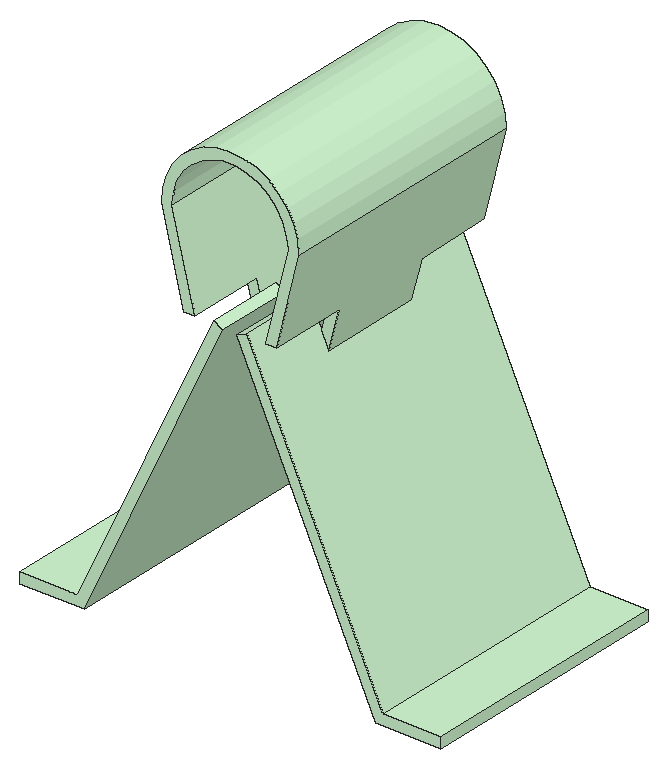
Revit family "ganmenban-osae", category 機械設備, Revit 2022
Family settings
  丸型コネクタ寸法 = 直径を使用
  種別 = なし
  パーツ タイプ = 標準
  作業面ベース = いいえ
  常に垂直 = はい
  ロード時にボイドで切り取り = いいえ
  注釈の向きを維持 = いいえ
  共有 = いいえ
  部屋計算ポイント = いいえ
Parameters
  製造元 = "株式会社桐井製作所"
  既定の高さ = 0 mm
  URL = "https://www.kirii.co.jp/"
  K_材質 = "SUS バネ鋼"
  K_品名 = "岩綿板押さえ(タコ)"
  K_名称 = "仕上げ材オサエ"
  K_入数 = "250"
  K_バージョン情報 = "20220411"
Reference planes
  plane 1 "中心(正面/背面)": y = 0
  plane 2: z = 0
  plane 3 "中心(左/右)": x = 0
Forms (mm)
  Extrusion 1, solid
    sketch origin (-96.782, 0, -96.027) x (1, 0, 0) y (0, 0, 1)
      loop
        line (94.073, 115.898) -> (94.849, 116.092) -> (92.282, 126.361)
        arc (92.282, 126.361) -> (96.782, 130.801) -> (101.281, 126.361) r 4.5
        line (101.281, 126.361) -> (98.72, 116.115) -> (99.496, 115.921) -> (102.081, 126.264)
        arc (102.081, 126.264) -> (96.782, 131.601) -> (91.482, 126.264) r 5.3
        line (91.482, 126.264) -> (94.073, 115.898)
    from -10 to 10
  Extrusion 2, void
    sketch origin (-96.782, 0, -96.027) x (0, 1, 0) y (0, 0, 1)
      loop
        line (-10, 119.301) -> (-10, 115.856) -> (-4, 115.856) -> (-4, 119.301) -> (-10, 119.301)
    from 98.655 to 100.373
  Extrusion 3, void
    sketch origin (-195.95, 0, -96.027) x (0, 1, 0) y (0, 0, 1)
      loop
        line (-4, 119.51) -> (-4, 116.18) -> (4, 116.18) -> (4, 119.51) -> (-4, 119.51)
    from 196.44 to 198.76
  Extrusion 4, solid
    sketch origin (-97.281, 0, -96.027) x (1, 0, 0) y (0, 0, 1)
      loop
        line (113.508, 96.027) -> (113.508, 96.827) -> (109.044, 96.827) -> (98.55, 119.436) -> (97.824, 119.099) -> (108.533, 96.027) -> (113.508, 96.027)
    from -10 to 10
  Extrusion 5, void
    sketch origin (96.782, 0, -96.027) x (0, 1, 0) y (0, 0, -1)
      loop
        line (-10, -119.301) -> (-4, -119.301) -> (-4, -115.36) -> (-10, -115.36) -> (-10, -119.301)
    from 98.635 to 100.386
  Extrusion 6, void
    sketch origin (96.782, 0, -96.027) x (0, -1, 0) y (0, 0, 1)
      loop
        line (-10, 119.301) -> (-10, 115.36) -> (-4, 115.36) -> (-4, 119.301) -> (-10, 119.301)
    from 98.635 to 100.386
  Extrusion 7, void
    sketch origin (196.009, 0, -96.027) x (0, 1, 0) y (0, 0, -1)
      loop
        line (-4, -119.51) -> (4, -119.51) -> (4, -116.18) -> (-4, -116.18) -> (-4, -119.51)
    from 196.34 to 198.779
  Extrusion 8, solid
    sketch origin (97.279, 0, -96.027) x (-1, 0, 0) y (0, 0, -1)
      loop
        line (113.508, -96.027) -> (108.533, -96.027) -> (97.824, -119.099) -> (98.55, -119.436) -> (109.044, -96.827) -> (113.508, -96.827) -> (113.508, -96.027)
    from -10 to 10
  Extrusion 9, void
    sketch origin (-96.782, 0, -96.027) x (0, -1, 0) y (0, 0, -1)
      loop
        line (-10, -119.301) -> (-4, -119.301) -> (-4, -115.856) -> (-10, -115.856) -> (-10, -119.301)
    from 98.655 to 100.373
Cuts and joins
  Extrusion 2, Extrusion 5, Extrusion 6, Extrusion 9 cuts Extrusion 1
  Extrusion 3, Extrusion 5, Extrusion 7 cuts Extrusion 4
  Extrusion 7 cuts Extrusion 8
  joined: Extrusion 1, Extrusion 4, Extrusion 8
Dimensions and locks
  aligned and locked: level to plane 2
